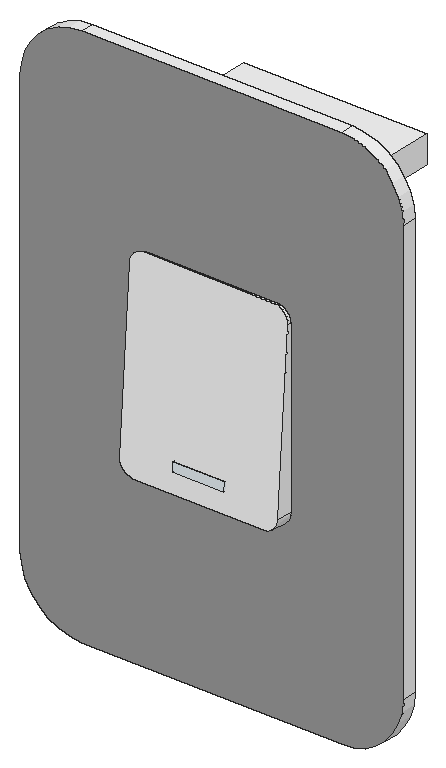
Revit family "EF_Veti-2x4-Geyser-Isolator", category Electrical Fixtures, Revit 2016
Family settings
  Maintain Annotation Orientation = No
  Part Type = Switch
  Round Connector Dimension = Use Diameter
  Work Plane-Based = No
  Always vertical = Yes
  Cut with Voids When Loaded = No
  Shared = No
  Room Calculation Point = No
Parameters (values of type "Geyser Isolator")
  Voltage_x = 220 V
  URL for TCP = "http://www.tcpbim.co.za"
  URL = "http://www.major-tech.com/15-veti"
  Type Comments = "Switches"
  Switch Voltage = Voltage_x  # 220 V
  Switch Height [instance] = 1200 mm
  Materials [instance] = 0 mm
  Manufacturer = "VETI"
  Made by = "Tolani Civil Projects cc"
  Load = 2860 VA
  Description = "2x4 Geyser Isolator"
  Amperage = 16 A
Reference planes
  plane 1 "Center (Front/Back)": y = 0
  plane 2: z = 0
  plane 3 "Center (Left/Right)": x = 0
Forms (mm)
  Extrusion 1, solid, material "Plastic White"
    sketch origin (-181.105, 75, 0) x (1, 0, 0) y (0, 0, 1)
      loop
        arc (133.605, 1200) -> (117.695, 1193.41) -> (111.105, 1177.5) r 22.5
        line (111.105, 1177.5) -> (111.105, 1022.5)
        arc (111.105, 1022.5) -> (117.695, 1006.59) -> (133.605, 1000) r 22.5
        line (133.605, 1000) -> (228.605, 1000)
        arc (228.605, 1000) -> (244.515, 1006.59) -> (251.105, 1022.5) r 22.5
        line (251.105, 1022.5) -> (251.105, 1177.5)
        arc (251.105, 1177.5) -> (244.515, 1193.41) -> (228.605, 1200) r 22.5
        line (228.605, 1200) -> (133.605, 1200)
    from 75 to 80
  Extrusion 2, solid, material "Plastic White"
    sketch origin (-181.105, 0, 0) x (-1, 0, 0) y (0, 0, 1)
      loop
        line (-214.439, 1170) -> (-214.439, 1160) -> (-147.772, 1160) -> (-147.772, 1170) -> (-214.439, 1170)
    from 0 to 51.204
Cuts and joins
  joined: Extrusion 1, Extrusion 2
Dimensions and locks
  Extrusion 1 sketch curve to Extrusion 1 sketch curve = 200 mm
  Extrusion 2 sketch curve to Extrusion 2 sketch curve to Extrusion 1 = 10 mm, 30 mm
  Extrusion 2 sketch curve to Extrusion 2 sketch curve = 66.667 mm
  cut or joined group of Extrusion 1, Extrusion 2 to cut or joined group of Extrusion 1, Extrusion 2 = 200 mm
  cut or joined group of Extrusion 1, Extrusion 2 to cut or joined group of Extrusion 1, Extrusion 2 to cut or joined group of Extrusion 1, Extrusion 2 to cut or joined group of Extrusion 1, Extrusion 2 = 30 mm locked, 10 mm locked, 160 mm locked
  "Switch Height": level to cut or joined group of Extrusion 1, Extrusion 2
  cut or joined group of Extrusion 1, Extrusion 2 to cut or joined group of Extrusion 1, Extrusion 2 to cut or joined group of Extrusion 1, Extrusion 2 = 51.204 mm locked, 5 mm locked
  locked: cut or joined group of Extrusion 1, Extrusion 2 to cut or joined group of Extrusion 1, Extrusion 2 at 66.667
  locked: cut or joined group of Extrusion 1, Extrusion 2 to plane 1 "Center (Front/Back)"
  plane 3 "Center (Left/Right)" to Extrusion 1 sketch curve = 70 mm
  cut or joined group of Extrusion 1, Extrusion 2 to nested 2 to nested 2 to cut or joined group of Extrusion 1, Extrusion 2 = 63.754 mm locked, 72.214 mm locked, 64.032 mm locked
  plane 3 "Center (Left/Right)" to nested 2 = 29.046 mm
  aligned and locked: level to plane 2
  aligned and locked: nested 1 to plane 1 "Center (Front/Back)"
  aligned and locked: nested 2 to cut or joined group of Extrusion 1, Extrusion 2
Automatic sketch dimensions
  Extrusion 1 sketch curve to plane 3 "Center (Left/Right)" = 47.5 mm
  plane 3 "Center (Left/Right)" to Extrusion 1 sketch curve = 47.5 mm  (x2)
  level to Extrusion 1 sketch curve = 1000 mm
  Extrusion 1 sketch curve to Extrusion 1 sketch curve = 22.5 mm  (x2)
  Extrusion 2 sketch curve to Extrusion 1 = 36.667 mm  (x2)
Nested families
  nested 1: "Power Point Test 1" at (0, 0, 0) x (-1, 0, 0) z (0, 0, 1), type "Receptacle Symbol"
  nested 2: "Vertical Switch" at (-0.199, -4.919, -35.811), type "Vertical Switch"
    with Length 57.694 mm
Connectors
  electrical at (0, 25.602, 1170), driven by "Voltage_x", driven by "Load"
    settings: on cut or joined group of Extrusion 1, Extrusion 2, index 2, voltage 220 V, apparent load 0 VA, apparent load phase1 2860 VA, apparent load phase2 0 VA, apparent load phase3 0 VA, power factor 1, load classification "Other", number of poles 1, system type 31, power factor state 1, is connector primary yes, connector utility no, sub classification motor no, connector description ""
Definition of nested family "Vertical Switch"
  Parameters
    Length [instance] = 32.776 mm
  Reference planes
    plane 1 "Center (Front/Back)": y = 0
    plane 2: z = 0
    plane 3 "Center (Left/Right)": x = 0
    plane 4: x = -16.388
    plane 5: x = 16.388
  Forms (mm)
    Extrusion 1, solid
      sketch origin (-1136.248, 2.783, 1137.475) x (0, -0.069756, -0.997564) y (1, 0, 0)
        loop
          arc (-29.234, 1152.636) -> (-32.77, 1151.171) -> (-34.234, 1147.636) r 5
          line (-34.234, 1147.636) -> (-34.234, 1124.86)
          arc (-34.234, 1124.86) -> (-32.77, 1121.324) -> (-29.234, 1119.86) r 5
          line (-29.234, 1119.86) -> (32.741, 1119.86)
          arc (32.741, 1119.86) -> (36.277, 1121.324) -> (37.741, 1124.86) r 5
          line (37.741, 1124.86) -> (37.741, 1147.636)
          arc (37.741, 1147.636) -> (36.277, 1151.171) -> (32.741, 1152.636) r 5
          line (32.741, 1152.636) -> (-29.234, 1152.636)
      from 6.186 to 0.253
    Extrusion 2, solid
      sketch origin (-1136.051, -0.005, 1135.912) x (0, -0.069756, -0.997564) y (1, 0, 0)
        loop
          line (28.988, 1145.439) -> (25.488, 1145.439) -> (25.488, 1126.663) -> (28.988, 1126.663) -> (28.988, 1145.439)
      from 0 to 3.974
  Dimensions and locks
    equal spacing: plane 5, plane 3 "Center (Left/Right)", plane 4
    "Length": plane 5 to plane 4
    Extrusion 2 to plane 3 "Center (Left/Right)" to Extrusion 2 = 9.388 mm locked, 9.388 mm locked
    aligned and locked: plane 2 to level
    aligned and locked: plane 4 to Extrusion 1 sketch curve
    aligned and locked: Extrusion 1 sketch curve to plane 5
  Automatic sketch dimensions
    Extrusion 1 sketch curve to plane 5 = 5 mm
    Extrusion 1 sketch curve to Extrusion 1 sketch curve = 5 mm
    Extrusion 1 sketch curve to Extrusion 1 sketch curve = 61.975 mm
    plane 4 to Extrusion 1 sketch curve = 5 mm
    Extrusion 1 sketch curve to Extrusion 1 sketch curve = 0 mm
    Extrusion 2 sketch curve to plane 5 = 7 mm
    Extrusion 2 sketch curve to Extrusion 2 sketch curve = 3.5 mm
    plane 4 to Extrusion 2 sketch curve = 7 mm
Definition of nested family "Power Point Test 1"
  Parameters
    Plug Point Height = 1200 mm
  Reference planes
    plane 1: y = 0
    plane 2: x = 0
  Lines and regions (mm)
    Filled region 1, type "Filled region 1"
      outline origin (0.028, 0.162, 0) x (1, 0, 0) y (0, 1, 0)
        loop
          circle (-0.012, 2.074) r 0.25
    detail lines
      curve 1: line (-0.442, -0.034, 0) -> (-0.442, 0.736, 0)
      curve 2: arc (1.505, 0.736, 0) -> (0.005, 2.236, 0) -> (-1.495, 0.736, 0) r 1.5
      curve 3: line (0.451, -0.034, 0) -> (0.451, 0.736, 0)
      curve 4: line (-1.495, 0.736, 0) -> (1.505, 0.736, 0)
      curve 5: line (0.005, 2.236, 0) -> (0.005, 4.241, 0)
      curve 6: arc (-1.025, 3.953, 0) -> (0.005, 4.241, 0) -> (1.034, 3.953, 0) r 1.988
  Text (mm)
    label "A" at (-2.189, 3.565, 0), shows "Plug Point Height"
    text "IG" at (-0.646, 1.988, 0)
  Dimensions and locks
    curve 1 to curve 3 = 0.893 mm
